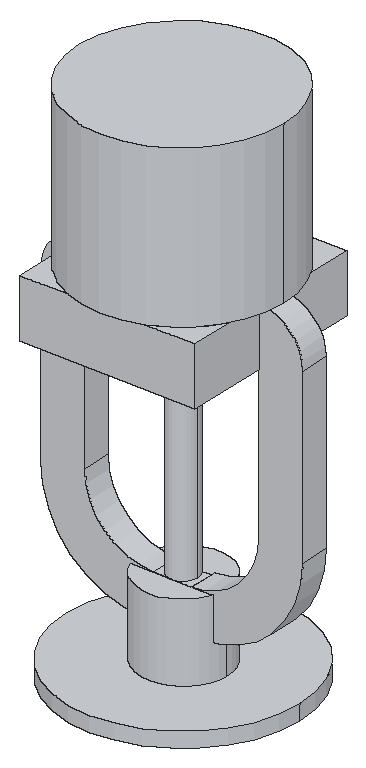
Revit family
Parameters (values of type "RASCO F1FR PENDENT")
  Temperature Rating = 155 °F
  Response = 1
  RASCO SIN # = "RA3613"
  RASCO Part # = "F1FRP17W"
  Pressure Rating = "175 PSI"
  Pressure Class = (empty or 0)
  Orifice Size = 7/16"
  Orifice = (empty or 0)
  Model = "F1FR"
  Manufacturer = "RASCO"
  K-Factor = 5.6
  Description = "White Finish"
  Coverage = (empty or 0)
Reference planes (in)
  plane 1 "Center (Front/Back)": y = 0
  plane 2: z = 0
  plane 3 "Center (Left/Right)": x = 0
Dimensions and locks (in)
  aligned and locked: plane 2 to level
Nested families (in)
  nested 1: "F1FRP17W" at (-0.0113, 0, 2.4375) x (-1, 0, 0) z (0, 0, -1), type "RASCO F1FR PENDENT"
Connectors (in)
  piping at (-0.0113, 0, 2.4375)
    settings: on nested 1, index 1, connector radius 55/128", flow factor 0, pipe flow 0 GPM, pressure drop 0.00 psi, fitting loss kfactor 0, connector angle 0.00°, fixture units 0, flow configuration 0, flow direction 0, fitting loss method 0, system type 7, connector reference index -1, connector utility 0, adjustable connector no, is connector primary yes, fitting loss table "", connector description ""
Definition of nested family "F1FRP17W"
  Parameters (values of type "RASCO F1FR PENDENT")
    Type Comments = ""
    Temperature Rating = 0 °F
    Response = (empty or 0)
    Pressure Rating = "0"
    Pressure Class = (empty or 0)
    Orifice Size = 0"
    Orifice = (empty or 0)
    Model = ""
    Manufacturer = ""
    K-Factor = 0
    Description = ""
    Coverage = (empty or 0)
    Assembly Code = ""
  Reference planes (in)
    plane 1 "Center (Front/Back)": y = 0
    plane 2: z = 0
    plane 3 "ref.2": z = 0.6875
    plane 4 "ref.3": z = 0.9375
    plane 5: x = -0.38065
    plane 6: x = 0.36935
    plane 7 "ref. side 1": y = 0.06402
    plane 8 "ref. side 2": y = -0.06098
    plane 9 "ref.4": z = 1.875
    plane 10 "ref.5": z = 2.3125
    plane 11 "ref.6": z = 2.4375
  Forms (in)
    Extrusion 1, solid
      sketch origin (0, 0, 0) x (1, 0, 0) y (0, 1, 0)
        loop
          circle (0, 0) r 0.4379
      from 0 to 0.6875
    Extrusion 2, solid
      sketch origin (-0.12185, 0.05177, 0.6875) x (1, 0, 0) y (0, 1, 0)
        loop
          line (-0.2588, 0.356) -> (-0.2588, -0.4565) -> (0.4912, -0.4565) -> (0.4912, 0.356) -> (-0.2588, 0.356)
      from 0 to 0.25
    Extrusion 3, solid
      sketch origin (0, 0, 0) x (1, 0, 0) y (0, 0, 1)
        loop
          line (-0.38065, 0.68754) -> (-0.38065, 1.58397)
          arc (-0.38065, 1.58397) -> (-0.29541, 1.78976) -> (-0.08962, 1.875) r 0.29103
          line (-0.08962, 1.875) -> (0.07524, 1.875)
          arc (0.07524, 1.875) -> (0.28321, 1.78886) -> (0.36935, 1.58089) r 0.29411
          line (0.36935, 1.58089) -> (0.36935, 0.68751)
          arc (0.36935, 0.68751) -> (0.50207, 0.74393) -> (0.55685, 0.87734) r 0.18984
          line (0.55685, 0.87734) -> (0.55685, 1.61676)
          arc (0.55685, 1.61676) -> (0.42629, 1.93194) -> (0.11111, 2.0625) r 0.44574
          line (0.11111, 2.0625) -> (-0.12259, 2.0625)
          arc (-0.12259, 2.0625) -> (-0.43765, 1.932) -> (-0.56815, 1.61694) r 0.44556
          line (-0.56815, 1.61694) -> (-0.56815, 0.87876)
          arc (-0.56815, 0.87876) -> (-0.51345, 0.74486) -> (-0.38065, 0.68754) r 0.19126
      from -0.06402 to 0.06098
    Extrusion 4, solid
      sketch origin (0, 0, 0.9375) x (-1, 0, 0) y (0, -1, 0)
        loop
          circle (0.00574, -0.00152) r 0.0625
      from 0 to 0.9375
    Extrusion 5, solid
      sketch origin (0, 0, 1.875) x (-1, 0, 0) y (0, -1, 0)
        loop
          circle (0.00574, -0.00152) r 0.1875
      from 0 to 0.4375
    Extrusion 6, solid
      sketch origin (0, 0, 2.3125) x (0, -1, 0) y (1, 0, 0)
        loop
          circle (-0.00152, -0.00574) r 0.5
      from -0.10531 to -0.03987
  Cuts and joins
    joined: Extrusion 1, Extrusion 2, Extrusion 4
  Lines and regions (in)
    model lines
      curve 1: line (-0.00574, 0.06402, 1.875) -> (-0.00574, -0.06098, 1.875)
